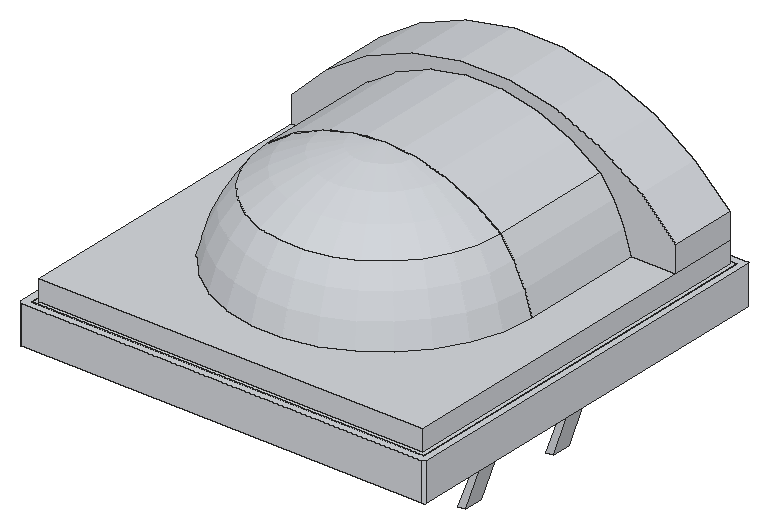
Revit family "Gira_5375600", category Electrical Fixtures, host Face, Revit 2017
Family settings
  Host = Face
  Maintain Annotation Orientation = Yes
  Round Connector Dimension = Use Diameter
  Part Type = Normal
  Cut with Voids When Loaded = No
  Shared = No
  Room Calculation Point = No
Parameters (values of type "S3000 motion detec.top 2.20 m Standard System 55 stainl.steel(lac.)")
  URL = "http://katalog.gira.de/en/datenblatt.html?artikelnr=5375600"
  Name = "S3000 motion detec.top 2.20 m Standard System 55 stainl.steel(lac.)"
  Model = "Movement sensor"
  Manufacturer URL = "https://www.gira.de/"
  Manufacturer = "Gira"
  Keynote = ""
  HeinzeBIM = "https://bimportal.heinze.de/bim/s3000-motion-detec-top-2-20-m-standard-system-55-stainl-steel-lac-/361049d493bc641f97de71ac1368d64f084739a9"
  HAN = "5375600"
  GTIN = "4010337051190"
  Description = "S3000 mot.det.top 2.20m Std Sys55 SSTl,System 3000 motion detector top unit 2.20 m Standard,System 55,stainless steel (lacquered),Features:,- Automatic switching of lighting, depending on the movement of heat and ambient brightness.,- Operation with System 3000 switching or dimming insert or 3-wire auxiliary insert.,- Expansion of the detection range in combination with the 3-wire auxiliary insert.,- Adjustable brightness threshold.,- Sensitivity adjustable in four steps.,- When connecting a System 3000 auxiliary insert with an operating top unit or mechanical button to the main unit, the lighting can be switched on or dimmed for the duration of the delay time.,With System 3000 dimming insert:,- Switch on with the last brightness set, or a saved switch-on brightness.,- The switch-on brightness can only be saved permanently via the System 3000 auxiliary insert with operating top unit."
  Default Elevation = 1219.2 mm
  Data sheet (1) = "https://katalog.gira.de/en/download.html?artikelnr=5375600"
  Category = "Sensor element for movement sensor"
  BIM (1) = "https://media.stage.bim.site/public/gira/36a6b08/Bewegungsmelder_2,20m.rfa"
  Available = "No"
Reference planes
  plane 1 "Center (Front/Back)": y = 0
  plane 2: z = 0
  plane 3 "Center (Left/Right)": x = 0
Forms (mm)
  Extrusion 1, solid, detail levels fine
    sketch origin (0, 0, 0) x (1, 0, 0) y (0, 0, 1)
      loop
        line (-33.25, 14.602) -> (-33.25, 10.1) -> (33.25, 10.1) -> (33.25, 14.602)
        arc (33.25, 14.602) -> (0, 30.256) -> (-33.25, 14.602) r 43.139
    from -33.25 to -21.609
  Extrusion 2, solid, detail levels fine
    sketch origin (0, 0, 0) x (1, 0, 0) y (0, 1, 0)
      loop
        line (-33.25, 33.25) -> (-33.25, -33.25) -> (33.25, -33.25) -> (33.25, 33.25) -> (-33.25, 33.25)
    from 6.6 to 10.1
  Extrusion 3, solid, detail levels fine
    sketch origin (0, 0, 0) x (1, 0, 0) y (0, 0, 1)
      loop
        arc (20.138, 21.225) -> (0, 28.457) -> (-20.138, 21.225) r 31.652
        arc (-20.138, 21.225) -> (-23.48, 15.984) -> (-25.486, 10.1) r 26.053
        line (-25.486, 10.1) -> (25.486, 10.1)
        arc (25.486, 10.1) -> (23.48, 15.984) -> (20.138, 21.225) r 26.053
    from -21.609 to 0
  Revolve 4, solid, detail levels fine
    sketch origin (0, 0, 0) x (1, 0, 0) y (0, 0, 1)
      loop
        arc (0, 28.457) -> (-10.699, 26.594) -> (-20.138, 21.225) r 31.652
        arc (-20.138, 21.225) -> (-23.48, 15.984) -> (-25.486, 10.1) r 26.053
        line (-25.486, 10.1) -> (0, 10.1) -> (0, 28.457)
      axis (0, 28.457) -> (0, 10.1)
    angle from -180 to 0
  Extrusion 5, solid, detail levels fine
    sketch origin (0, 0, 0) x (1, 0, 0) y (0, 1, 0)
      loop
        spline (-34.7, 35.2) -> (-34.765, 35.196) -> (-34.829, 35.183) -> (-34.891, 35.162) -> (-34.95, 35.133) -> (-35.004, 35.097) -> (-35.054, 35.054) -> (-35.097, 35.004) -> (-35.133, 34.95) -> (-35.162, 34.891) -> (-35.183, 34.829) -> (-35.196, 34.765) -> (-35.2, 34.7)
        line (-35.2, 34.7) -> (-35.2, -34.7)
        spline (-35.2, -34.7) -> (-35.196, -34.765) -> (-35.183, -34.829) -> (-35.162, -34.891) -> (-35.133, -34.95) -> (-35.097, -35.004) -> (-35.054, -35.054) -> (-35.004, -35.097) -> (-34.95, -35.133) -> (-34.891, -35.162) -> (-34.829, -35.183) -> (-34.765, -35.196) -> (-34.7, -35.2)
        line (-34.7, -35.2) -> (34.7, -35.2)
        spline (34.7, -35.2) -> (34.765, -35.196) -> (34.829, -35.183) -> (34.891, -35.162) -> (34.95, -35.133) -> (35.004, -35.097) -> (35.054, -35.054) -> (35.097, -35.004) -> (35.133, -34.95) -> (35.162, -34.891) -> (35.183, -34.829) -> (35.196, -34.765) -> (35.2, -34.7)
        line (35.2, -34.7) -> (35.2, 34.7)
        spline (35.2, 34.7) -> (35.196, 34.765) -> (35.183, 34.829) -> (35.162, 34.891) -> (35.133, 34.95) -> (35.097, 35.004) -> (35.054, 35.054) -> (35.004, 35.097) -> (34.95, 35.133) -> (34.891, 35.162) -> (34.829, 35.183) -> (34.765, 35.196) -> (34.7, 35.2)
        line (34.7, 35.2) -> (-34.7, 35.2)
      loop
        line (-33.986, 33.986) -> (-33.986, -33.986) -> (33.986, -33.986) -> (33.986, 33.986) -> (-33.986, 33.986)
    from 0 to 6.6
  Extrusion 6, solid, detail levels fine
    sketch origin (0, 0, 0) x (1, 0, 0) y (0, 1, 0)
      loop
        line (-33.986, 33.986) -> (-33.986, -33.986) -> (33.986, -33.986) -> (33.986, 33.986) -> (-33.986, 33.986)
    from 5 to 6.6
  Extrusion 7, solid
    sketch origin (0, 0, 0) x (1, 0, 0) y (0, 1, 0)
      loop
        line (-23.656, 22.752) -> (-23.656, -22.748)
        arc (-23.656, -22.748) -> (-23.409, -23.369) -> (-22.801, -23.65) r 0.904
        line (-22.801, -23.65) -> (22.796, -23.65)
        arc (22.796, -23.65) -> (23.404, -23.369) -> (23.656, -22.748) r 0.904
        line (23.656, -22.748) -> (23.652, 22.752)
        arc (23.652, 22.752) -> (23.404, 23.374) -> (22.796, 23.655) r 0.904
        line (22.796, 23.655) -> (-22.801, 23.655)
        arc (-22.801, 23.655) -> (-23.409, 23.374) -> (-23.656, 22.752) r 0.904
    from -3.2 to 5
  Extrusion 8, solid, detail levels fine
    sketch origin (0, 0, 0) x (1, 0, 0) y (0, 1, 0)
      loop
        line (-27.334, -25) -> (-26.366, -25) -> (-26.366, 26.298) -> (26.366, 26.298) -> (26.366, -25) -> (27.334, -25) -> (27.334, 27.402) -> (-27.334, 27.402) -> (-27.334, -25)
    from -1.1 to 5
  Extrusion 9, solid, detail levels fine
    sketch origin (0, 0, 0) x (1, 0, 0) y (0, 1, 0)
      loop
        line (-5.141, 20.682) -> (-5.141, 15.098)
        spline (-5.141, 15.098) -> (-5.133, 14.968) -> (-5.107, 14.84) -> (-5.065, 14.716) -> (-5.007, 14.599) -> (-4.935, 14.49) -> (-4.849, 14.391) -> (-4.75, 14.305) -> (-4.641, 14.233) -> (-4.524, 14.175) -> (-4.4, 14.133) -> (-4.272, 14.107) -> (-4.142, 14.099)
        line (-4.142, 14.099) -> (4.142, 14.099)
        spline (4.142, 14.099) -> (4.272, 14.107) -> (4.4, 14.133) -> (4.524, 14.175) -> (4.641, 14.233) -> (4.75, 14.305) -> (4.849, 14.391) -> (4.935, 14.49) -> (5.007, 14.599) -> (5.065, 14.716) -> (5.107, 14.84) -> (5.133, 14.968) -> (5.141, 15.098)
        line (5.141, 15.098) -> (5.141, 20.682)
        spline (5.141, 20.682) -> (5.133, 20.812) -> (5.107, 20.94) -> (5.065, 21.064) -> (5.007, 21.181) -> (4.935, 21.29) -> (4.849, 21.389) -> (4.75, 21.475) -> (4.641, 21.547) -> (4.524, 21.605) -> (4.4, 21.647) -> (4.272, 21.673) -> (4.142, 21.681)
        line (4.142, 21.681) -> (-4.142, 21.681)
        spline (-4.142, 21.681) -> (-4.272, 21.673) -> (-4.4, 21.647) -> (-4.524, 21.605) -> (-4.641, 21.547) -> (-4.75, 21.475) -> (-4.849, 21.389) -> (-4.935, 21.29) -> (-5.007, 21.181) -> (-5.065, 21.064) -> (-5.107, 20.94) -> (-5.133, 20.812) -> (-5.141, 20.682)
    from -19.6 to -3.2
  Extrusion 10, solid, detail levels fine
    sketch origin (0, 0, 0) x (1, 0, 0) y (0, 0, 1)
      loop
        line (-24.966, -3.825) -> (-25.395, -8.726) -> (-23.048, -15.543) -> (-21.665, -15.713) -> (-24.338, -8.563) -> (-23.422, -1.1) -> (-25.014, -1.1) -> (-24.966, -3.825)
      loop
        line (24.966, -3.825) -> (25.014, -1.1) -> (23.422, -1.1) -> (24.338, -8.563) -> (21.665, -15.713) -> (23.048, -15.543) -> (25.395, -8.726) -> (24.966, -3.825)
    from -11.1 to -7.9
  Extrusion 11, solid, detail levels fine
    sketch origin (0, 0, 0) x (1, 0, 0) y (0, 0, -1)
      loop
        line (-24.966, 3.825) -> (-25.014, 1.1) -> (-23.422, 1.1) -> (-24.338, 8.563) -> (-21.665, 15.713) -> (-23.048, 15.543) -> (-25.395, 8.726) -> (-24.966, 3.825)
      loop
        line (24.966, 3.825) -> (25.395, 8.726) -> (23.048, 15.543) -> (21.665, 15.713) -> (24.338, 8.563) -> (23.422, 1.1) -> (25.014, 1.1) -> (24.966, 3.825)
    from -11.1 to -7.9
  Extrusion 12, solid
    sketch origin (0, 0, 0) x (1, 0, 0) y (0, 1, 0)
      loop
        line (-23.656, 22.752) -> (-23.656, -22.748)
        arc (-23.656, -22.748) -> (-23.409, -23.369) -> (-22.801, -23.65) r 0.904
        line (-22.801, -23.65) -> (22.796, -23.65)
        arc (22.796, -23.65) -> (23.404, -23.369) -> (23.656, -22.748) r 0.904
        line (23.656, -22.748) -> (23.652, 22.752)
        arc (23.652, 22.752) -> (23.404, 23.374) -> (22.796, 23.655) r 0.904
        line (22.796, 23.655) -> (-22.801, 23.655)
        arc (-22.801, 23.655) -> (-23.409, 23.374) -> (-23.656, 22.752) r 0.904
    from -3.2 to 5
  Extrusion 13, solid, detail levels medium
    sketch origin (0, 0, 0) x (1, 0, 0) y (0, 1, 0)
      loop
        line (-35.2, 35.2) -> (-35.2, -35.2) -> (35.2, -35.2) -> (35.2, 35.2) -> (-35.2, 35.2)
    from 0 to 6.6
  Extrusion 14, solid, detail levels medium
    sketch origin (0, 0, 0) x (1, 0, 0) y (0, 1, 0)
      loop
        line (-33.25, 33.25) -> (-33.25, -33.25) -> (33.25, -33.25) -> (33.25, 33.25) -> (-33.25, 33.25)
    from 6.6 to 30.256
  Extrusion 15, solid, detail levels medium
    sketch origin (0, 0, 0) x (1, 0, 0) y (0, 1, 0)
      loop
        line (-23.656, 23.655) -> (-23.656, -23.65) -> (23.656, -23.65) -> (23.656, 23.655) -> (-23.656, 23.655)
    from -3.2 to 5
  Extrusion 16, solid, detail levels medium
    sketch origin (0, 0, 0) x (1, 0, 0) y (0, 0, 1)
      loop
        line (-25.014, -1.1) -> (-25.014, -15.713) -> (-21.665, -15.713) -> (-21.665, -1.1) -> (-25.014, -1.1)
      loop
        line (25.014, -1.1) -> (21.665, -1.1) -> (21.665, -15.713) -> (25.014, -15.713) -> (25.014, -1.1)
    from -11.1 to -7.9
  Extrusion 17, solid, detail levels medium
    sketch origin (0, 0, 0) x (1, 0, 0) y (0, 0, -1)
      loop
        line (-25.014, 1.1) -> (-21.665, 1.1) -> (-21.665, 15.713) -> (-25.014, 15.713) -> (-25.014, 1.1)
      loop
        line (25.014, 1.1) -> (25.014, 15.713) -> (21.665, 15.713) -> (21.665, 1.1) -> (25.014, 1.1)
    from -11.1 to -7.9
  Extrusion 18, solid, detail levels medium
    sketch origin (0, 0, 0) x (1, 0, 0) y (0, 1, 0)
      loop
        line (-5.141, 14.099) -> (5.141, 14.099) -> (5.141, 21.681) -> (-5.141, 21.681) -> (-5.141, 14.099)
    from -19.6 to -3.2
  Extrusion 19, solid, detail levels coarse
    sketch origin (0, 0, 0) x (1, 0, 0) y (0, 1, 0)
      loop
        line (-35.2, 35.2) -> (-35.2, -35.2) -> (35.2, -35.2) -> (35.2, 35.2) -> (-35.2, 35.2)
    from -19.6 to 30.256
Dimensions and locks
  aligned and locked: plane 2 to host face
  aligned and locked: level to host face
  aligned and locked: nested 1 to plane 3 "Center (Left/Right)"
  aligned and locked: plane 1 "Center (Front/Back)" to nested 1
Nested families
  nested 1: "Belegungssensor - Bewegung - Aufputz - Beschriftung" at (0, 0, 0) x (0, -1, 0) z (0, 0, 1), type "Belegungssensor - Bewegung - Aufputz - Beschriftung"
Connectors
  electrical at (0, 0, -19.6)
    settings: on Extrusion 19, index 1, voltage 220 V, apparent load 0 VA, apparent load phase1 0 VA, apparent load phase2 0 VA, apparent load phase3 0 VA, power factor 1, load classification "Other", number of poles 1, system type 30, power factor state 1, is connector primary yes, connector utility no, sub classification motor no, connector description ""
Definition of nested family "Belegungssensor - Bewegung - Aufputz - Beschriftung"
  Reference planes
    plane 1: y = 0
    plane 2: x = 0
  Lines and regions (mm)
    Filled region 1, type "Gefüllter Bereich 1"
      outline origin (143.425, -20.712, 0) x (1, 0, 0) y (0, 1, 0)
        loop
          line (-148.697, 21.204) -> (-148.697, 20.409) -> (-147.583, 20.807) -> (-148.697, 21.204)
    Filled region 2, type "Gefüllter Bereich 1"
      outline origin (141.808, 30.001, 0) x (0.939693, 0.34202, 0) y (-0.34202, 0.939693, 0)
        loop
          line (-148.694, 21.203) -> (-148.694, 20.41) -> (-147.583, 20.807) -> (-148.694, 21.203)
    Filled region 3, type "Gefüllter Bereich 1"
      outline origin (141.819, -29.825, 0) x (-0.34202, -0.939693, 0) y (0.939693, -0.34202, 0)
        loop
          line (21.204, -148.697) -> (20.807, -147.583) -> (20.409, -148.697) -> (21.204, -148.697)
    detail lines
      curve 1: line (-1.207, 0.095, 0) -> (-3.486, 1.411, 0)
      curve 2: line (-1.207, 0.095, 0) -> (-3.486, -1.221, 0)
      curve 5: arc (-3.252, 1.752, 0) -> (-3.839, 0.095, 0) -> (-3.252, -1.562, 0) r 2.632
      curve 6: line (-6, 3, 0) -> (0, 3, 0)
      curve 7: line (-6, -3, 0) -> (-6, 3, 0)
      curve 8: line (0, -3, 0) -> (-6, -3, 0)
      curve 9: line (0, 3, 0) -> (0, -3, 0)
    reference lines
      curve 3: line (-1.207, 0.095, 0) -> (-3.616, 2.046, 0)
      curve 4: line (-1.207, 0.095, 0) -> (-3.616, -1.856, 0)
  Dimensions and locks
    curve 1 to curve 1 = 2.632 mm
    curve 2 to curve 2 = 2.632 mm
    curve 6 to curve 8 = 6 mm
    curve 7 to curve 9 = 6 mm
    angle curve 1 to curve 2 = 60.00°
    aligned and locked: curve 6 to curve 7
    aligned and locked: curve 9 to curve 9
